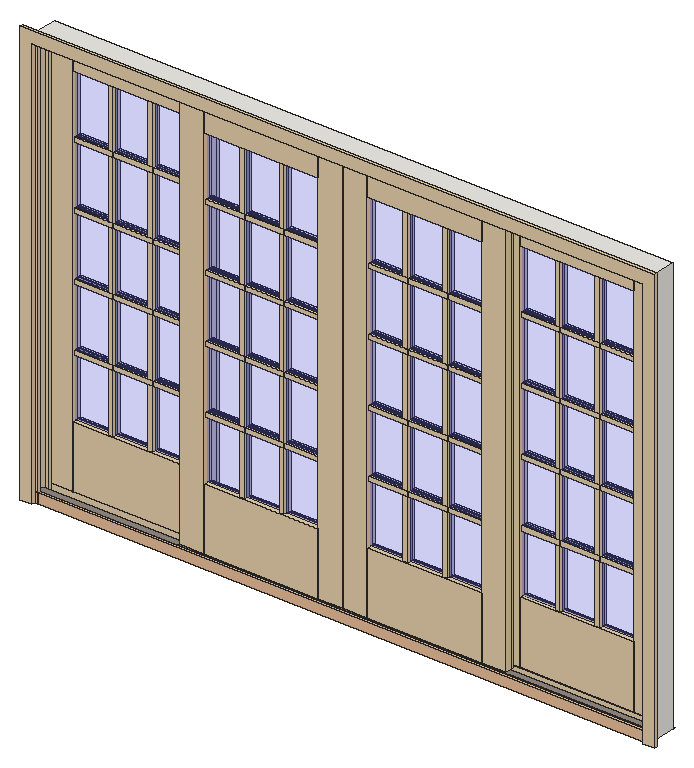
Revit family "Door-Gliding-Andersen-E_Series-Quad 2", category Doors, host Wall, Revit 2013 (continued)
Definition of nested family "Gliding_Panel"
  Automatic sketch dimensions
    curve 44 to curve 55 = 0' - 0 1/8"
    curve 41 to curve 41 = 0' - 0 3/32"
    curve 8 to plane 18 "Glass S3" = 0' - 0.01714"
    curve 13 to plane 18 "Glass S3" = 0' - 0"
    curve 19 to plane 12 "Top of Bottom Rail" = 0' - 0"
    plane 15 "Top of Middle Rail" to curve 126 = 0' - 0"
    plane 15 "Top of Middle Rail" to curve 128 = 0' - 0"
    plane 15 "Top of Middle Rail" to curve 127 = 0' - 0"
    plane 15 "Top of Middle Rail" to curve 129 = 0' - 0"
    plane 15 "Top of Middle Rail" to curve 21 = 0' - 0 5/8"
    plane 15 "Top of Middle Rail" to curve 22 = 0' - 0 5/8"
    curve 14 to curve 22 = 0' - 0"
    curve 21 to curve 13 = 0' - 0"
    curve 2 to plane 8 "Top" = 0' - 0"
    curve 4 to plane 8 "Top" = 0' - 0"
  Nested families (in)
    nested 1: "Andersen Grille Bar" at (0, 0.5, 55.22917) x (0, 0, 1) z (0, 1, 0), Bar Length <- "H DLO", visible <- "TS M H", Bar Width <- "Grille Bar Size", type "Andersen Grille Bar"
      with Glass / 2 0' - 0 3/16", Glass 0' - 0 3/4", Center Line Length 2' - 5 1/4", Center Line 2, Bar Width 0' - 0 7/8", Bar Length 2' - 5 1/4"
    nested 2: "Andersen Grille Bar" at (0, 0.5, 28.77083) x (0, 0, 1) z (0, 1, 0), Bar Length <- "H DLO", visible <- "TS M H", Bar Width <- "Grille Bar Size", type "Andersen Grille Bar"
      with Glass / 2 0' - 0 3/16", Glass 0' - 0 3/4", Center Line Length 2' - 5 1/4", Center Line 2, Bar Width 0' - 0 7/8", Bar Length 2' - 5 1/4"
    nested 3: "Andersen Grille Bar" at (0, 0.5, 25.16406) x (0, 0, 1) z (0, 1, 0), Bar Length <- "H DLO", visible <- "BS M H", Bar Width <- "Grille Bar Size", type "Andersen Grille Bar"
      with Glass / 2 0' - 0 3/16", Glass 0' - 0 3/4", Center Line Length 2' - 5 1/4", Center Line 2, Bar Width 0' - 0 7/8", Bar Length 2' - 5 1/4"
    nested 4: "Andersen Grille Bar" at (0, 0.5, 17.54688) x (0, 0, 1) z (0, 1, 0), Bar Length <- "H DLO", visible <- "BS S H", Bar Width <- "Grille Bar Size", type "Andersen Grille Bar"
      with Glass / 2 0' - 0 3/16", Glass 0' - 0 3/4", Center Line Length 2' - 5 1/4", Center Line 2, Bar Width 0' - 0 7/8", Bar Length 2' - 5 1/4"
    nested 5: "Andersen Grille Bar" at (0, 0.5, 9.92969) x (0, 0, 1) z (0, 1, 0), Bar Length <- "H DLO", visible <- "BS M H", Bar Width <- "Grille Bar Size", type "Andersen Grille Bar"
      with Glass / 2 0' - 0 3/16", Glass 0' - 0 3/4", Center Line Length 2' - 5 1/4", Center Line 2, Bar Width 0' - 0 7/8", Bar Length 2' - 5 1/4"
    nested 6: "Andersen Grille Bar" at (0, 0.5, 42) x (-1, 0, 0) z (0, 1, 0), Bar Length <- "TS V Bar Length", visible <- "TS S V", Bar Width <- "Grille Bar Size", type "Andersen Grille Bar"
      with Glass / 2 0' - 0 3/16", Glass 0' - 0 3/4", Center Line Length 6' - 6 1/2", Center Line 2, Bar Width 0' - 0 7/8", Bar Length 6' - 6 1/2"
    nested 7: "Andersen Grille Bar" at (-5.02083, 0.5, 42) x (-1, 0, 0) z (0, 1, 0), Bar Length <- "TS V Bar Length", visible <- "TS M V", Bar Width <- "Grille Bar Size", type "Andersen Grille Bar"
      with Glass / 2 0' - 0 3/16", Glass 0' - 0 3/4", Center Line Length 6' - 6 1/2", Center Line 2, Bar Width 0' - 0 7/8", Bar Length 6' - 6 1/2"
    nested 8: "Andersen Grille Bar" at (5.02083, 0.5, 42) x (-1, 0, 0) z (0, 1, 0), Bar Length <- "TS V Bar Length", visible <- "TS M V", Bar Width <- "Grille Bar Size", type "Andersen Grille Bar"
      with Glass / 2 0' - 0 3/16", Glass 0' - 0 3/4", Center Line Length 6' - 6 1/2", Center Line 2, Bar Width 0' - 0 7/8", Bar Length 6' - 6 1/2"
    nested 9: "Andersen Grille Bar" at (0, 0.5, 17.54687) x (-1, 0, 0) z (0, 1, 0), Bar Length <- "BS V DLO", visible <- "BS S V", Bar Width <- "Grille Bar Size", type "Andersen Grille Bar"
      with Glass / 2 0' - 0 3/16", Glass 0' - 0 3/4", Center Line Length 2' - 5 19/32", Center Line 2, Bar Width 0' - 0 7/8", Bar Length 2' - 5 19/32"
    nested 10: "Andersen Grille Bar" at (-5.02083, 0.5, 17.54687) x (-1, 0, 0) z (0, 1, 0), Bar Length <- "BS V DLO", visible <- "BS M V", Bar Width <- "Grille Bar Size", type "Andersen Grille Bar"
      with Glass / 2 0' - 0 3/16", Glass 0' - 0 3/4", Center Line Length 2' - 5 19/32", Center Line 2, Bar Width 0' - 0 7/8", Bar Length 2' - 5 19/32"
    nested 11: "Andersen Grille Bar" at (5.02083, 0.5, 17.54687) x (-1, 0, 0) z (0, 1, 0), Bar Length <- "BS V DLO", visible <- "BS M V", Bar Width <- "Grille Bar Size", type "Andersen Grille Bar"
      with Glass / 2 0' - 0 3/16", Glass 0' - 0 3/4", Center Line Length 2' - 5 19/32", Center Line 2, Bar Width 0' - 0 7/8", Bar Length 2' - 5 19/32"
    nested 12: "Andersen Grille Bar" at (0, 0.5, 42) x (0, 0, 1) z (0, 1, 0), Bar Length <- "H DLO", visible <- "TS S H", Bar Width <- "Horizontal Craftsman Bar Size", type "Andersen Grille Bar"
      with Glass / 2 0' - 0 3/16", Glass 0' - 0 3/4", Center Line Length 2' - 5 1/4", Center Line 2, Bar Width 0' - 0 7/8", Bar Length 2' - 5 1/4"
    nested 13: "Andersen Grille Bar" at (0, 0.5, 42) x (0, 0, 1) z (0, 1, 0), Bar Length <- "H DLO", visible <- "TS S H Craftsman", Bar Width <- "Grille Bar Size", type "Andersen Grille Bar"
      with Glass / 2 0' - 0 3/16", Glass 0' - 0 3/4", Center Line Length 2' - 5 1/4", Center Line 2, Bar Width 0' - 0 7/8", Bar Length 2' - 5 1/4"
    nested 14: "Andersen Grille Bar" at (0, 0.5, 17.54687) x (0, 0, 1) z (0, 1, 0), Bar Length <- "H DLO", visible <- "BS M H", Bar Width <- "Grille Bar Size", type "Andersen Grille Bar"
      with Glass / 2 0' - 0 3/16", Glass 0' - 0 3/4", Center Line Length 2' - 5 1/4", Center Line 2, Bar Width 0' - 0 7/8", Bar Length 2' - 5 1/4"
  Definition of nested family "Andersen Grille Bar"
    Parameters (values of type "Andersen Grille Bar")
      Interior Bar Visibility = yes
      Interior Bar Material = none
      Glass / 2 [instance] = (Glass / 2) - 0' 0 3/16"  # 0' - 0 1/8"
      Glass [instance] = 0' - 0 5/8"
      Exterior Bar Visibility = yes
      Exterior Bar Finish = none
      Default Elevation = 4' - 0"
      Center Line Length [instance] = if(Center Line = 1, Bar Length + (Bar Width / 2), Bar Length)  # 0' - 4 7/16"
      Center Line [instance] = 1
      Between Glass Bar Visibility = yes
      Between Glass Bar Finish = none
      Bar Width [instance] = 0' - 0 7/8"
      Bar Length [instance] = 0' - 4"
    Reference planes (in)
      plane 1 "Center (Front/Back)": y = 0
      plane 2 "a": z = 0
      plane 3 "Center (Left/Right)": x = 0
      plane 4 "1": x = -0.4375
      plane 5 "2": x = 0.4375
      plane 6: y = 2
      plane 7: y = -2
      plane 8 "b": z = -0.625
      plane 9: z = -0.125
      plane 10: y = -2.4375
      plane 11 "a1": z = 12
      plane 12 "a2": z = -12
    Forms (in)
      Extrusion 1, solid
        sketch origin (0, 0, 0) x (1, 0, 0) y (0, 1, 0)
          loop
            line (-48, 48) -> (-48, -48) -> (48, -48) -> (48, 48) -> (-48, 48)
        from 0 to -12
      Extrusion 2, solid, material <- "Exterior Bar Finish", visible <- "Exterior Bar Visibility", detail levels fine
        sketch origin (0, 0, 0) x (1, 0, 0) y (0, 1, 0)
          loop
            line (-0.4375, 2) -> (-0.4375, -2) -> (0.4375, -2) -> (0.4375, 2) -> (-0.4375, 2)
        from 0 to 0.375
      Extrusion 3, solid, material <- "Between Glass Bar Finish", visible <- "Between Glass Bar Visibility", detail levels fine
        sketch origin (0, 0, 0) x (1, 0, 0) y (0, 1, 0)
          loop
            line (-0.4375, 2) -> (-0.4375, -2) -> (0.4375, -2) -> (0.4375, 2) -> (-0.4375, 2)
        from -0.5 to -0.125
      Extrusion 4, solid, material <- "Interior Bar Material", visible <- "Interior Bar Visibility", detail levels fine
        sketch origin (0, 0, 0) x (1, 0, 0) y (0, 1, 0)
          loop
            line (-0.4375, 2) -> (-0.4375, -2) -> (0.4375, -2) -> (0.4375, 2) -> (-0.4375, 2)
        from -1 to -0.625
    Lines and regions (in)
      model lines, style "GenericModel", detail levels coarse+medium
        curve 1: line (0, 2, 0) -> (0, -2.4375, 0)
      symbolic lines, style "GenericModel", detail levels coarse+medium
        curve 2: line (0, 2, 12) -> (0, -2.4375, 12)
        curve 3: line (0, 2, -12) -> (0, -2.4375, -12)
      model lines, style "InvisibleLines", not visible, detail levels coarse
        curve 4: line (0, 0, 12) -> (0, 0, -12)
      symbolic lines, detail levels fine
        curve 5: line (-0.4375, 2, 0) -> (-0.4375, -2, 0)
        curve 6: line (0.4375, 2, 0) -> (0.4375, -2, 0)
    Dimensions and locks (in)
      "Glass": plane 2 "a" to plane 8 "b"
      "Glass / 2": plane 2 "a" to plane 9
      locked: Extrusion 2 to Extrusion 2 at 0.375
      locked: plane 9 to Extrusion 3 at 0.375
      locked: plane 8 "b" to Extrusion 4 at 0.375
      equal spacing: plane 4 "1", plane 3 "Center (Left/Right)", plane 5 "2"
      equal spacing: plane 6, plane 1 "Center (Front/Back)", plane 7
      "Bar Width": plane 4 "1" to plane 5 "2"
      "Bar Length": plane 6 to plane 7
      "Center Line Length": plane 6 to plane 10
      locked: plane 11 "a1" to plane 2 "a" at 12
      locked: plane 2 "a" to plane 12 "a2" at 12
      aligned and locked: plane 2 "a" to Extrusion 1
      aligned and locked: level to Extrusion 1
      aligned and locked: Extrusion 2 to plane 2 "a"
      aligned and locked: Extrusion 2 to plane 4 "1"
      aligned and locked: plane 5 "2" to Extrusion 2
      aligned and locked: plane 6 to Extrusion 2
      aligned and locked: Extrusion 2 to plane 7
      aligned and locked: plane 9 to Extrusion 3
      aligned and locked: Extrusion 3 to plane 4 "1"
      aligned and locked: plane 5 "2" to Extrusion 3
      aligned and locked: plane 6 to Extrusion 3
      aligned and locked: Extrusion 3 to plane 7
      aligned and locked: plane 8 "b" to Extrusion 4
      aligned and locked: Extrusion 4 to plane 4 "1"
      aligned and locked: plane 5 "2" to Extrusion 4
      aligned and locked: plane 6 to Extrusion 4
      aligned and locked: Extrusion 4 to plane 7
      aligned and locked: plane 6 to curve 1
      aligned and locked: plane 10 to curve 1
      aligned and locked: curve 1 to plane 3 "Center (Left/Right)"
      aligned and locked: plane 6 to curve 2
      aligned and locked: plane 10 to curve 2
      aligned and locked: curve 2 to plane 3 "Center (Left/Right)"
      aligned and locked: plane 6 to curve 3
      aligned and locked: plane 10 to curve 3
      aligned and locked: curve 3 to plane 3 "Center (Left/Right)"
      aligned and locked: plane 11 "a1" to curve 4
      aligned and locked: plane 12 "a2" to curve 4
      aligned and locked: curve 4 to plane 1 "Center (Front/Back)"
      aligned and locked: plane 6 to curve 5
      aligned and locked: plane 6 to curve 6
      aligned and locked: plane 7 to curve 6
      aligned and locked: plane 7 to curve 5
      aligned and locked: curve 5 to plane 4 "1"
      aligned and locked: curve 6 to plane 5 "2"
    Automatic sketch dimensions
      Extrusion 1 sketch curve to Extrusion 1 sketch curve = 8' - 0"  (x2)
      plane 7 to Extrusion 2 sketch curve = 0' - 0"
      Extrusion 2 sketch curve to plane 5 "2" = 0' - 0 7/8"
      Extrusion 2 sketch curve to plane 6 = 0' - 0"
      Extrusion 2 sketch curve to Extrusion 2 sketch curve = 0' - 0 7/8"
      plane 7 to Extrusion 3 sketch curve = 0' - 0"
      Extrusion 3 sketch curve to plane 5 "2" = 0' - 0 7/8"
      Extrusion 3 sketch curve to plane 6 = 0' - 0"
      Extrusion 3 sketch curve to Extrusion 3 sketch curve = 0' - 0 7/8"
      Extrusion 4 sketch curve to plane 7 = 0' - 0"
      Extrusion 4 sketch curve to plane 5 "2" = 0' - 0 7/8"
      Extrusion 4 sketch curve to plane 6 = 0' - 0"
      Extrusion 4 sketch curve to Extrusion 4 sketch curve = 0' - 0 7/8"
